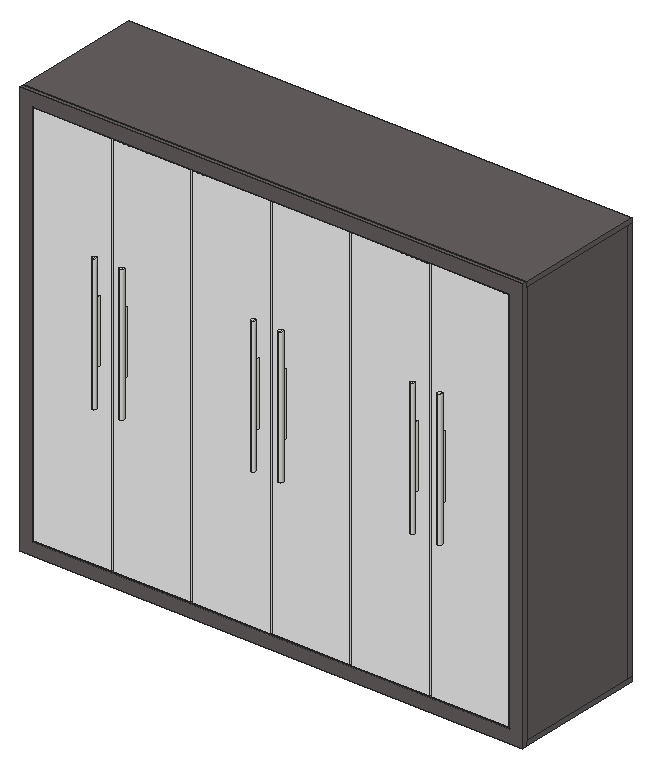
Revit family
Parameters (values of type "KO-Domestic wardrobe BM901 01 W2620*D620*H1900")
  Manufacturer = "Deco land"
  Model = "BM 901"
  wardrobe material = ebony length
  knob material = Chrome, 2
  face material = white shine
  Width = 2300 mm
  Height = 1900 mm
  Depth = 620 mm
  Assembly Code = ""
Reference planes
  plane 1 "중심(앞/뒤)": y = 310
  plane 2: z = 0
  plane 3 "중심(왼쪽/오른쪽)": x = 0
  plane 4: x = -1150
  plane 5: x = 1150
  plane 6: y = 620
  plane 7: y = 0
  plane 8: z = 1900
  plane 9: y = 600
  plane 10: y = 20
  plane 11: x = -1090
  plane 12: x = 1090
  plane 13: x = -1130
  plane 14: x = 1130
  plane 15: z = 1879.812
  plane 16: z = 19.977
  plane 17: x = -363.333
  plane 18: x = 363.333
  plane 19: x = -726.667
  plane 20: x = 726.667
  plane 21: z = 1244.875
  plane 22: z = 654.937
  plane 23: z = 1834.812
  plane 24: z = 65
  plane 25: y = -35.557
  plane 26: z = 1839.812
  plane 27: z = 60
  plane 28: x = -731.667
  plane 29: x = -721.667
  plane 30: x = -368.333
  plane 31: x = -358.333
  plane 32: x = -5
  plane 33: x = 5
  plane 34: x = 358.333
  plane 35: x = 368.333
  plane 36: x = 721.667
  plane 37: x = 731.667
  plane 38: x = 1435
  plane 39: x = -1935
Forms (mm)
  Extrusion 1, solid, material "ebony length" <- "wardrobe material"
    sketch origin (0, 310, 0) x (1, 0, 0) y (0, 0, 1)
      loop
        line (1150, 1880) -> (1130, 1880) -> (1130, 20) -> (1150, 20) -> (1150, 1880)
      loop
        line (-1150, 1880) -> (-1150, 20) -> (-1130, 20) -> (-1130, 1880) -> (-1150, 1880)
    from -290 to 290
  Extrusion 2, solid, material "ebony length" <- "wardrobe material"
    sketch origin (0, 310, 0) x (1, 0, 0) y (0, 0, 1)
      loop
        line (-1150, 1879.812) -> (-1150, 19.977) -> (1150, 19.977) -> (1150, 1879.812) -> (-1150, 1879.812)
    from -310 to -290
  Extrusion 3, solid, material "ebony length" <- "wardrobe material"
    sketch origin (0, 310, 0) x (1, 0, 0) y (0, 0, -1)
      loop
        line (-1150, -1900) -> (1150, -1900) -> (1150, 0) -> (-1150, 0) -> (-1150, -1900)
      loop
        line (-1090, -1839.812) -> (1090, -1839.812) -> (1090, -60) -> (-1090, -60) -> (-1090, -1839.812)
    from -310 to -290
  Extrusion 4, solid, material "ebony length" <- "wardrobe material"
    sketch origin (0, 310, 0) x (1, 0, 0) y (0, 0, 1)
      loop
        line (1150, 1900) -> (-1150, 1900) -> (-1150, 1880) -> (1150, 1880) -> (1150, 1900)
      loop
        line (1150, 20) -> (-1150, 20) -> (-1150, 0) -> (1150, 0) -> (1150, 20)
    from -310 to 290
  Extrusion 5, solid, material "white shine" <- "face material"
    sketch origin (0, 310, 0) x (1, 0, 0) y (0, 1, 0)
      loop
        line (-1085, -290) -> (-1085, -310) -> (-731.667, -310) -> (-731.667, -290) -> (-1085, -290)
      loop
        line (-368.333, -290) -> (-721.667, -290) -> (-721.667, -310) -> (-368.333, -310) -> (-368.333, -290)
      loop
        line (-358.333, -290) -> (-358.333, -310) -> (-5, -310) -> (-5, -290) -> (-358.333, -290)
      loop
        line (358.333, -290) -> (5, -290) -> (5, -310) -> (358.333, -310) -> (358.333, -290)
      loop
        line (368.333, -290) -> (368.333, -310) -> (721.667, -310) -> (721.667, -290) -> (368.333, -290)
      loop
        line (1085, -290) -> (731.667, -290) -> (731.667, -310) -> (1085, -310) -> (1085, -290)
    from 65 to 1834.812
  Revolve 6, solid, material "Chrome, 2" <- "knob material"
    sketch origin (788.787, 305, 0) x (0, 1, 0) y (0, 0, 1)
      loop
        line (-330.557, 1336.896) -> (-340.557, 1336.896) -> (-340.557, 723.503) -> (-330.557, 723.503) -> (-330.557, 1336.896)
      axis (-330.557, 1336.896) -> (-330.557, 723.503)
    angle from 0 to 360
  Extrusion 7, solid, material "Chrome, 2" <- "knob material"
    sketch origin (786.287, 310, 0) x (0, 1, 0) y (0, 0, 1)
      loop
        line (-310, 1172.352) -> (-327.98, 1172.352) -> (-327.98, 884.71) -> (-310, 884.71) -> (-310, 1172.352)
    from 0 to 5
  Revolve 8, solid, material "Chrome, 2" <- "knob material"
    sketch origin (664.547, 315, 0) x (0, 1, 0) y (0, 0, -1)
      loop
        line (-340.557, -1336.896) -> (-340.557, -723.503) -> (-350.557, -723.503) -> (-350.557, -1336.896) -> (-340.557, -1336.896)
      axis (-340.557, -1336.896) -> (-340.557, -723.503)
    angle from 0 to 360
  Extrusion 9, solid, material "Chrome, 2" <- "knob material"
    sketch origin (667.047, 310, 0) x (0, 1, 0) y (0, 0, -1)
      loop
        line (-310, -1172.352) -> (-310, -884.71) -> (-327.98, -884.71) -> (-327.98, -1172.352) -> (-310, -1172.352)
    from 0 to 5
  Revolve 10, solid, material "Chrome, 2" <- "knob material"
    sketch origin (-664.547, 305, 0) x (0, 1, 0) y (0, 0, 1)
      loop
        line (-330.557, 1336.896) -> (-340.557, 1336.896) -> (-340.557, 723.503) -> (-330.557, 723.503) -> (-330.557, 1336.896)
      axis (-330.557, 1336.896) -> (-330.557, 723.503)
    angle from 0 to 360
  Extrusion 11, solid, material "Chrome, 2" <- "knob material"
    sketch origin (-667.047, 310, 0) x (0, 1, 0) y (0, 0, 1)
      loop
        line (-310, 1172.352) -> (-327.98, 1172.352) -> (-327.98, 884.71) -> (-310, 884.71) -> (-310, 1172.352)
    from 0 to 5
  Revolve 12, solid, material "Chrome, 2" <- "knob material"
    sketch origin (-788.787, 315, 0) x (0, 1, 0) y (0, 0, -1)
      loop
        line (-340.557, -1336.896) -> (-340.557, -723.503) -> (-350.557, -723.503) -> (-350.557, -1336.896) -> (-340.557, -1336.896)
      axis (-340.557, -1336.896) -> (-340.557, -723.503)
    angle from 0 to 360
  Extrusion 13, solid, material "Chrome, 2" <- "knob material"
    sketch origin (-786.287, 310, 0) x (0, 1, 0) y (0, 0, -1)
      loop
        line (-310, -1172.352) -> (-310, -884.71) -> (-327.98, -884.71) -> (-327.98, -1172.352) -> (-310, -1172.352)
    from 0 to 5
  Revolve 14, solid, material "Chrome, 2" <- "knob material"
    sketch origin (62.12, 305, 0) x (0, 1, 0) y (0, 0, 1)
      loop
        line (-330.557, 1336.896) -> (-340.557, 1336.896) -> (-340.557, 723.503) -> (-330.557, 723.503) -> (-330.557, 1336.896)
      axis (-330.557, 1336.896) -> (-330.557, 723.503)
    angle from 0 to 360
  Extrusion 15, solid, material "Chrome, 2" <- "knob material"
    sketch origin (59.62, 310, 0) x (0, 1, 0) y (0, 0, 1)
      loop
        line (-310, 1172.352) -> (-327.98, 1172.352) -> (-327.98, 884.71) -> (-310, 884.71) -> (-310, 1172.352)
    from 0 to 5
  Revolve 16, solid, material "Chrome, 2" <- "knob material"
    sketch origin (-62.12, 315, 0) x (0, 1, 0) y (0, 0, -1)
      loop
        line (-340.557, -1336.896) -> (-340.557, -723.503) -> (-350.557, -723.503) -> (-350.557, -1336.896) -> (-340.557, -1336.896)
      axis (-340.557, -1336.896) -> (-340.557, -723.503)
    angle from 0 to 360
  Extrusion 17, solid, material "Chrome, 2" <- "knob material"
    sketch origin (-59.62, 310, 0) x (0, 1, 0) y (0, 0, -1)
      loop
        line (-310, -1172.352) -> (-310, -884.71) -> (-327.98, -884.71) -> (-327.98, -1172.352) -> (-310, -1172.352)
    from 0 to 5
Lines and regions (mm)
  symbolic lines, detail levels coarse+medium
    curve 1: line (-1150, 620, 0) -> (1150, 620, 0)
    curve 2: line (-1150, 0, 0) -> (-1150, 620, 0)
    curve 3: line (1150, 0, 0) -> (-1150, 0, 0)
    curve 4: line (1150, 620, 0) -> (1150, 0, 0)
    curve 5: line (-1150, 20, 0) -> (1150, 20, 0)
  symbolic lines, detail levels fine
    curve 6: line (1150, 620, 0) -> (-1150, 620, 0)
    curve 7: line (-1150, 600, 0) -> (1150, 600, 0)
    curve 8: line (-1150, 20, 0) -> (1150, 20, 0)
    curve 9: line (-1150, 0, 0) -> (1150, 0, 0)
    curve 10: line (786.287, -17.98, 0) -> (791.287, -17.98, 0)
    curve 11: line (662.047, -17.98, 0) -> (667.047, -17.98, 0)
    curve 12: line (59.62, -17.98, 0) -> (64.62, -17.98, 0)
    curve 13: line (-64.62, -17.98, 0) -> (-59.62, -17.98, 0)
    curve 14: line (-667.047, -17.98, 0) -> (-662.047, -17.98, 0)
    curve 15: line (-791.287, -17.98, 0) -> (-786.287, -17.98, 0)
    curve 16: line (1150, 0, 0) -> (1150, 620, 0)
    curve 17: line (1130, 600, 0) -> (1130, 20, 0)
    curve 18: line (1090, 20, 0) -> (1090, 0, 0)
    curve 19: line (1085, 0, 0) -> (1085, 20, 0)
    curve 20: line (791.287, -17.98, 0) -> (791.287, 0, 0)
    curve 21: line (786.287, 0, 0) -> (786.287, -17.98, 0)
    curve 22: arc (788.787, -15.557, 0) -> (798.787, -25.557, 0) -> (788.787, -35.557, 0) r 10
    curve 23: arc (788.787, -35.557, 0) -> (778.787, -25.557, 0) -> (788.787, -15.557, 0) r 10
    curve 24: line (731.667, 20, 0) -> (731.667, 0, 0)
    curve 25: line (721.667, 0, 0) -> (721.667, 20, 0)
    curve 26: line (667.047, -17.98, 0) -> (667.047, 0, 0)
    curve 27: line (662.047, 0, 0) -> (662.047, -17.98, 0)
    curve 28: arc (664.547, -35.557, 0) -> (674.547, -25.557, 0) -> (664.547, -15.557, 0) r 10
    curve 29: arc (664.547, -15.557, 0) -> (654.547, -25.557, 0) -> (664.547, -35.557, 0) r 10
    curve 30: line (368.333, 20, 0) -> (368.333, 0, 0)
    curve 31: line (358.333, 0, 0) -> (358.333, 20, 0)
    curve 32: arc (62.12, -15.557, 0) -> (72.12, -25.557, 0) -> (62.12, -35.557, 0) r 10
    curve 33: arc (62.12, -35.557, 0) -> (52.12, -25.557, 0) -> (62.12, -15.557, 0) r 10
    curve 34: line (64.62, -17.98, 0) -> (64.62, 0, 0)
    curve 35: line (59.62, 0, 0) -> (59.62, -17.98, 0)
    curve 36: line (5, 20, 0) -> (5, 0, 0)
    curve 37: line (-5, 0, 0) -> (-5, 20, 0)
    curve 38: line (-59.62, -17.98, 0) -> (-59.62, 0, 0)
    curve 39: line (-64.62, 0, 0) -> (-64.62, -17.98, 0)
    curve 40: arc (-62.12, -35.557, 0) -> (-52.12, -25.557, 0) -> (-62.12, -15.557, 0) r 10
    curve 41: arc (-62.12, -15.557, 0) -> (-72.12, -25.557, 0) -> (-62.12, -35.557, 0) r 10
    curve 42: line (-358.333, 20, 0) -> (-358.333, 0, 0)
    curve 43: line (-368.333, 0, 0) -> (-368.333, 20, 0)
    curve 44: line (-662.047, -17.98, 0) -> (-662.047, 0, 0)
    curve 45: line (-667.047, 0, 0) -> (-667.047, -17.98, 0)
    curve 46: arc (-664.547, -15.557, 0) -> (-654.547, -25.557, 0) -> (-664.547, -35.557, 0) r 10
    curve 47: arc (-664.547, -35.557, 0) -> (-674.547, -25.557, 0) -> (-664.547, -15.557, 0) r 10
    curve 48: line (-721.667, 20, 0) -> (-721.667, 0, 0)
    curve 49: line (-731.667, 0, 0) -> (-731.667, 20, 0)
    curve 50: line (-786.287, -17.98, 0) -> (-786.287, 0, 0)
    curve 51: line (-791.287, 0, 0) -> (-791.287, -17.98, 0)
    curve 52: arc (-788.787, -35.557, 0) -> (-778.787, -25.557, 0) -> (-788.787, -15.557, 0) r 10
    curve 53: arc (-788.787, -15.557, 0) -> (-798.787, -25.557, 0) -> (-788.787, -35.557, 0) r 10
    curve 54: line (-1085, 20, 0) -> (-1085, 0, 0)
    curve 55: line (-1090, 0, 0) -> (-1090, 20, 0)
    curve 56: line (-1130, 20, 0) -> (-1130, 600, 0)
    curve 57: line (-1150, 620, 0) -> (-1150, 0, 0)
Dimensions and locks
  equal spacing: plane 4, plane 3 "중심(왼쪽/오른쪽)", plane 5
  "Width": plane 4 to plane 5
  equal spacing: plane 7, plane 1 "중심(앞/뒤)", plane 6
  "Depth": plane 7 to plane 6
  "Height": level to plane 8
  locked: plane 9 to plane 6 at 20
  locked: plane 7 to plane 10 at 20
  locked: plane 4 to plane 13 at 20
  locked: plane 14 to plane 5 at 20
  equal spacing: plane 11, plane 19, plane 17, plane 3 "중심(왼쪽/오른쪽)", plane 18, plane 20, plane 12
  Extrusion 5 to plane 12 = 5 mm
  locked: plane 11 to Extrusion 5 at 5
  equal spacing: plane 24, plane 22, plane 21, plane 23
  equal spacing: Extrusion 11, plane 19, Extrusion 13, locked at 59.62 each
  equal spacing: Extrusion 7, plane 20, Extrusion 9, locked at 59.62 each
  locked: plane 25 to plane 7 at 35.557
  locked: plane 23 to plane 26 at 5
  locked: plane 26 to plane 15 at 40
  locked: plane 15 to plane 8 at 20.188
  locked: plane 27 to plane 24 at 5
  locked: plane 16 to plane 27 at 40.023
  locked: level to plane 16 at 19.977
  equal spacing: Extrusion 15, plane 3 "중심(왼쪽/오른쪽)", Extrusion 17
  locked: plane 28 to plane 19 at 5
  locked: plane 19 to plane 29 at 5
  locked: plane 30 to plane 17 at 5
  locked: plane 17 to plane 31 at 5
  locked: plane 32 to plane 3 "중심(왼쪽/오른쪽)" at 5
  locked: plane 3 "중심(왼쪽/오른쪽)" to plane 33 at 5
  locked: plane 34 to plane 18 at 5
  locked: plane 18 to plane 35 at 5
  locked: plane 36 to plane 20 at 5
  locked: plane 20 to plane 37 at 5
  locked: plane 12 to plane 14 at 40
  aligned and locked: Extrusion 4 to Extrusion 1  (x6)
  aligned and locked: Extrusion 4 to Extrusion 4  (x2)
  aligned and locked: plane 4 to Extrusion 4  (x2)
  aligned and locked: plane 5 to Extrusion 4  (x2)
  aligned and locked: Extrusion 1 to Extrusion 4  (x3)
  aligned and locked: Extrusion 1 to plane 5
  aligned and locked: plane 4 to Extrusion 1
  aligned and locked: plane 4 to Extrusion 2
  aligned and locked: Extrusion 3 to plane 5  (x2)
  aligned and locked: plane 4 to Extrusion 3  (x3)
  aligned and locked: Extrusion 4 to plane 5
  aligned and locked: plane 5 to Extrusion 3
  aligned and locked: plane 5 to Extrusion 2
  aligned and locked: plane 7 to Extrusion 3  (x2)
  aligned and locked: Extrusion 3 to plane 7  (x3)
  aligned and locked: Extrusion 4 to level  (x2)
  aligned and locked: plane 16 to Extrusion 2
  aligned and locked: level to Extrusion 3
  aligned and locked: Extrusion 3 to Extrusion 4
  aligned and locked: plane 15 to Extrusion 2
  aligned and locked: plane 2 to level
  aligned and locked: Extrusion 4 to plane 8  (x5)
  aligned and locked: Extrusion 4 to plane 6
  aligned and locked: plane 9 to Extrusion 2  (x2)
  aligned and locked: Extrusion 2 to plane 6
  aligned and locked: Extrusion 4 to plane 10
  aligned and locked: Extrusion 1 to Extrusion 2
  aligned and locked: Extrusion 1 to plane 9
  aligned and locked: Extrusion 2 to Extrusion 1
  aligned and locked: Extrusion 2 to plane 9
  aligned and locked: plane 9 to Extrusion 1
  aligned and locked: Extrusion 3 to plane 10
  aligned and locked: plane 10 to Extrusion 1  (x2)
  aligned and locked: plane 10 to Extrusion 4
  aligned and locked: plane 25 to Revolve 12
  aligned and locked: plane 25 to Revolve 10
  aligned and locked: plane 25 to Revolve 8
  aligned and locked: plane 25 to Revolve 6
  aligned and locked: Extrusion 5 to plane 23
  aligned and locked: plane 24 to Extrusion 5
  aligned and locked: plane 26 to Extrusion 3
  aligned and locked: plane 27 to Extrusion 3
  aligned and locked: plane 11 to Extrusion 3
  aligned and locked: plane 12 to Extrusion 3
  aligned and locked: plane 7 to Extrusion 13
  aligned and locked: Extrusion 13 to Extrusion 3  (x2)
  aligned and locked: Extrusion 5 to Extrusion 13
  aligned and locked: plane 25 to Revolve 16
  aligned and locked: plane 25 to Revolve 14
  aligned and locked: plane 28 to Extrusion 5 sketch curve
  aligned and locked: plane 29 to Extrusion 5 sketch curve
  aligned and locked: Extrusion 5 sketch curve to plane 30
  aligned and locked: Extrusion 5 sketch curve to plane 31
  aligned and locked: plane 32 to Extrusion 5 sketch curve
  aligned and locked: plane 33 to Extrusion 5 sketch curve
  aligned and locked: Extrusion 5 sketch curve to plane 35
  aligned and locked: Extrusion 5 sketch curve to plane 34
  aligned and locked: plane 37 to Extrusion 5 sketch curve
  aligned and locked: plane 36 to Extrusion 5 sketch curve
  aligned and locked: plane 13 to Extrusion 1
  aligned and locked: plane 14 to Extrusion 1
  aligned and locked: curve 1 to Extrusion 2
  aligned and locked: curve 4 to Extrusion 3  (x2)
  aligned and locked: curve 2 to curve 5
  aligned and locked: curve 5 to Extrusion 1
  aligned and locked: curve 6 to Extrusion 4
  aligned and locked: curve 7 to Extrusion 2
  aligned and locked: curve 8 to Extrusion 4
  aligned and locked: curve 9 to Extrusion 3
  aligned and locked: curve 10 to Extrusion 7
  aligned and locked: curve 11 to Extrusion 9
  aligned and locked: curve 12 to Extrusion 15
  aligned and locked: curve 13 to Extrusion 17
  aligned and locked: curve 14 to Extrusion 11
  aligned and locked: curve 15 to Extrusion 13
  aligned and locked: curve 16 to Extrusion 4
  aligned and locked: curve 17 to Extrusion 1
  aligned and locked: curve 18 to Extrusion 3
  aligned and locked: curve 19 to Extrusion 5
  aligned and locked: curve 20 to Extrusion 7
  aligned and locked: curve 21 to Extrusion 7
  aligned and locked: curve 24 to Extrusion 5
  aligned and locked: curve 25 to Extrusion 5
  aligned and locked: curve 26 to Extrusion 9
  aligned and locked: curve 27 to Extrusion 9
  aligned and locked: curve 30 to Extrusion 5
  aligned and locked: curve 31 to Extrusion 5
  aligned and locked: curve 34 to Extrusion 15
  aligned and locked: curve 35 to Extrusion 15
  aligned and locked: curve 36 to Extrusion 5
  aligned and locked: curve 37 to Extrusion 5
  aligned and locked: curve 38 to Extrusion 17
  aligned and locked: curve 39 to Extrusion 17
  aligned and locked: curve 42 to Extrusion 5
  aligned and locked: curve 43 to Extrusion 5
  aligned and locked: curve 44 to Extrusion 11
  aligned and locked: curve 45 to Extrusion 11
  aligned and locked: curve 48 to Extrusion 5
  aligned and locked: curve 49 to Extrusion 5
  aligned and locked: curve 50 to Extrusion 13
  aligned and locked: curve 51 to Extrusion 13
  aligned and locked: curve 54 to Extrusion 5
  aligned and locked: curve 55 to Extrusion 3
  aligned and locked: curve 56 to Extrusion 1
  aligned and locked: curve 57 to Extrusion 4
Automatic sketch dimensions
  Extrusion 1 sketch curve to plane 4 = 0 mm
  Extrusion 1 sketch curve to plane 13 = 0 mm
  Extrusion 1 sketch curve to plane 14 = 0 mm
  Extrusion 1 sketch curve to plane 5 = 0 mm
  Extrusion 1 sketch curve to plane 16 = 0.023 mm  (x2)
  Extrusion 1 sketch curve to plane 15 = 0.188 mm  (x2)
  Extrusion 2 sketch curve to plane 4 = 0 mm
  Extrusion 2 sketch curve to plane 5 = 0 mm
  Extrusion 2 sketch curve to plane 16 = 0 mm
  Extrusion 2 sketch curve to plane 15 = 0 mm
  Extrusion 4 sketch curve to level = 0 mm
  Extrusion 4 sketch curve to plane 4 = 0 mm  (x2)
  Extrusion 4 sketch curve to plane 5 = 0 mm  (x2)
  Extrusion 4 sketch curve to plane 8 = 0 mm
  Extrusion 4 sketch curve to plane 16 = 0.023 mm
  Extrusion 4 sketch curve to plane 15 = 0.188 mm
  Extrusion 7 sketch curve to Extrusion 7 sketch curve = 17.98 mm
  Extrusion 7 sketch curve to Extrusion 7 sketch curve = 287.642 mm
  Revolve 6 sketch curve to Revolve 6 sketch curve = 10 mm
  Extrusion 9 sketch curve to Extrusion 9 sketch curve = 17.98 mm
  Extrusion 9 sketch curve to Extrusion 9 sketch curve = 287.642 mm
  Revolve 8 sketch curve to Revolve 8 sketch curve = 10 mm
  Extrusion 11 sketch curve to Extrusion 11 sketch curve = 17.98 mm
  Extrusion 11 sketch curve to Extrusion 11 sketch curve = 287.642 mm
  Revolve 10 sketch curve to Revolve 10 sketch curve = 10 mm
  Extrusion 13 sketch curve to Extrusion 13 sketch curve = 17.98 mm
  Extrusion 13 sketch curve to Extrusion 13 sketch curve = 287.642 mm
  Revolve 12 sketch curve to Revolve 12 sketch curve = 10 mm
  Extrusion 3 sketch curve to level = 0 mm
  Extrusion 3 sketch curve to plane 4 = 0 mm
  Extrusion 3 sketch curve to plane 5 = 0 mm
  Extrusion 3 sketch curve to plane 8 = 0 mm
  Extrusion 3 sketch curve to plane 11 = 0 mm
  plane 12 to Extrusion 3 sketch curve = 0 mm
  plane 15 to Extrusion 3 sketch curve = 40 mm
  Extrusion 3 sketch curve to plane 16 = 40.023 mm
  Extrusion 15 sketch curve to Extrusion 15 sketch curve = 17.98 mm
  Extrusion 15 sketch curve to Extrusion 15 sketch curve = 287.642 mm
  Revolve 14 sketch curve to Revolve 14 sketch curve = 10 mm
  Extrusion 17 sketch curve to Extrusion 17 sketch curve = 17.98 mm
  Extrusion 17 sketch curve to Extrusion 17 sketch curve = 287.642 mm
  Revolve 16 sketch curve to Revolve 16 sketch curve = 10 mm
  Extrusion 5 sketch curve to plane 7 = 0 mm  (x6)
  Extrusion 5 sketch curve to plane 10 = 0 mm  (x6)
  plane 11 to Extrusion 5 sketch curve = 5 mm
  Extrusion 5 sketch curve to plane 12 = 5 mm
  curve 52 to plane 25 = 0 mm
  curve 46 to plane 25 = 0 mm
  curve 40 to plane 25 = 0 mm
  curve 33 to plane 25 = 0 mm
  curve 28 to plane 25 = 0 mm
  curve 23 to plane 25 = 0 mm
  curve 52 to curve 15 = 2.5 mm
  curve 14 to curve 47 = 2.5 mm
  curve 40 to curve 13 = 2.5 mm
  curve 12 to curve 33 = 2.5 mm
  curve 29 to curve 11 = 2.5 mm
  curve 10 to curve 22 = 2.5 mm
  curve 52 to curve 15 = 7.577 mm
  curve 23 to curve 10 = 7.577 mm
  curve 47 to curve 14 = 7.577 mm
  curve 32 to curve 12 = 7.577 mm
  curve 40 to curve 13 = 7.577 mm
  curve 28 to curve 11 = 7.577 mm
